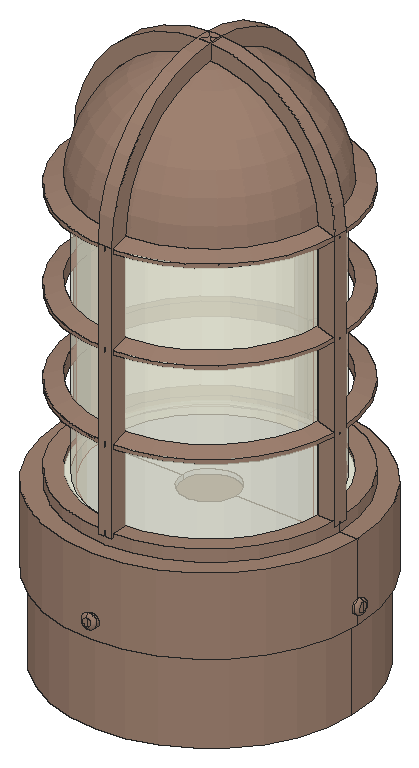
Revit family "PR15", category Generic Models, Revit 2024
Family settings
  Can host rebar = No
  Round Connector Dimension = Use Diameter
  Part Type = Normal
  Work Plane-Based = No
  Always vertical = Yes
  Cut with Voids When Loaded = No
  Maintain Annotation Orientation = No
  Shared = No
  Room Calculation Point = No
Parameters
  Default Elevation = 0' - 0"
Reference planes (in)
  plane 1 "Center (Front/Back)": y = 0
  plane 2: z = 0
  plane 3 "Center (Left/Right)": x = 0
Forms (in)
  Revolve 1, solid
    sketch origin (0, 0, 0) x (1, 0, 0) y (0, 0, 1)
      loop
        line (-3, 3.28125) -> (-3, 0) -> (-0.25, 0) -> (-0.25, 0.09375) -> (-2.90625, 0.09375) -> (-2.90625, 3.1875) -> (-0.568, 3.1875) -> (-0.568, 3.28125) -> (-3, 3.28125)
      axis (0, 3.28125) -> (0, 0)
    angle from 0 to 360
  Revolve 2, solid
    sketch origin (0, 0, 0) x (1, 0, 0) y (0, 0, 1)
      loop
        line (-3.125, 1.74999) -> (-3.03125, 1.74999) -> (-3.03125, 3.28125) -> (-2.65625, 3.28125) -> (-2.65625, 3.53125) -> (-2.41108, 3.53125) -> (-2.41108, 3.625) -> (-2.75, 3.625) -> (-2.75, 3.375) -> (-3.125, 3.375) -> (-3.125, 1.74999)
      axis (0, 3.625) -> (0, 1.74999)
    angle from 0 to 360
  Revolve 3, solid
    sketch origin (0, 0, -0.11551) x (1, 0, 0) y (0, 0, 1)
      loop
        line (-3.22718, 2.22976) -> (-2.90568, 2.22976) -> (-2.90568, 2.37976) -> (-3.16759, 2.37976)
        arc (-3.16759, 2.37976) -> (-3.20973, 2.36231) -> (-3.22718, 2.32017) r 0.0596
        line (-3.22718, 2.32017) -> (-3.22718, 2.22976)
      axis (-2.90568, 2.22976) -> (-3.22718, 2.22976)
    angle from 0 to 360
  Revolve 4, solid
    sketch origin (0, 0, -0.11551) x (0, -1, 0) y (0, 0, 1)
      loop
        line (-3.22718, 2.22976) -> (-2.90568, 2.22976) -> (-2.90568, 2.37976) -> (-3.16759, 2.37976)
        arc (-3.16759, 2.37976) -> (-3.20973, 2.36231) -> (-3.22718, 2.32017) r 0.0596
        line (-3.22718, 2.32017) -> (-3.22718, 2.22976)
      axis (-2.90568, 2.22976) -> (-3.22718, 2.22976)
    angle from 0 to 360
  Revolve 5, solid
    sketch origin (0, 0, -0.11551) x (0, 1, 0) y (0, 0, 1)
      loop
        line (-3.22718, 2.22976) -> (-2.90568, 2.22976) -> (-2.90568, 2.37976) -> (-3.16759, 2.37976)
        arc (-3.16759, 2.37976) -> (-3.20973, 2.36231) -> (-3.22718, 2.32017) r 0.0596
        line (-3.22718, 2.32017) -> (-3.22718, 2.22976)
      axis (-2.90568, 2.22976) -> (-3.22718, 2.22976)
    angle from 0 to 360
  Revolve 6, solid
    sketch origin (0, 0, -0.11551) x (-1, 0, 0) y (0, 0, 1)
      loop
        line (-3.22718, 2.22976) -> (-2.90568, 2.22976) -> (-2.90568, 2.37976) -> (-3.16759, 2.37976)
        arc (-3.16759, 2.37976) -> (-3.20973, 2.36231) -> (-3.22718, 2.32017) r 0.0596
        line (-3.22718, 2.32017) -> (-3.22718, 2.22976)
      axis (-2.90568, 2.22976) -> (-3.22718, 2.22976)
    angle from 0 to 360
  Extrusion 7, solid, material "62"
    sketch origin (0, 0, 1.49971) x (1, 0, 0) y (0, 0, 1)
      loop
        line (-2.75, 2.03154) -> (-2.412, 2.03154) -> (-2.412, 7.5084)
        arc (-2.412, 7.5084) -> (-1.76179, 9.14738) -> (-0.17007, 9.906) r 2.41201
        arc (-0.17007, 9.906) -> (1.64124, 9.26751) -> (2.412, 7.5084) r 2.41201
        line (2.412, 7.5084) -> (2.412, 2.03154) -> (2.75, 2.03154) -> (2.75, 7.491)
        arc (2.75, 7.491) -> (0, 10.25) -> (-2.75, 7.491) r 2.75001
        line (-2.75, 7.491) -> (-2.75, 2.03154)
    from -0.142 to 0.142
  Extrusion 8, solid, material "62"
    sketch origin (0, 0, 1.49971) x (0, 1, 0) y (0, 0, 1)
      loop
        line (-2.75, 2.03154) -> (-2.412, 2.03154) -> (-2.412, 7.5084)
        arc (-2.412, 7.5084) -> (-1.76179, 9.14738) -> (-0.17007, 9.906) r 2.41201
        arc (-0.17007, 9.906) -> (1.64124, 9.26751) -> (2.412, 7.5084) r 2.41201
        line (2.412, 7.5084) -> (2.412, 2.03154) -> (2.75, 2.03154) -> (2.75, 7.491)
        arc (2.75, 7.491) -> (0, 10.25) -> (-2.75, 7.491) r 2.75001
        line (-2.75, 7.491) -> (-2.75, 2.03154)
    from -0.142 to 0.142
  Revolve 9, solid, material "VAPOR GLASS"
    sketch origin (0, 0, 0) x (1, 0, 0) y (0, 0, 1)
      loop
        line (-2.287, 8.66573) -> (-2.287, 3.50704) -> (-2.61952, 3.50704) -> (-2.61952, 3.375) -> (-2.19325, 3.375) -> (-2.19325, 8.66556)
        arc (-2.19325, 8.66556) -> (-1.54803, 10.21124) -> (0, 10.8508) r 2.19326
        line (0, 10.8508) -> (0, 10.94455)
        arc (0, 10.94455) -> (-1.61426, 10.27759) -> (-2.287, 8.66573) r 2.28701
      axis (0, 10.94455) -> (0, 3.375)
    angle from 0 to 360
  Revolve 10, solid, material "62"
    sketch origin (0, 0, 0) x (1, 0, 0) y (0, 0, 1)
      loop
        line (-2.412, 5.1205) -> (-2.412, 5.4045) -> (-2.75, 5.3025) -> (-2.75, 5.2225) -> (-2.412, 5.1205)
      loop
        line (-2.412, 6.9) -> (-2.412, 7.184) -> (-2.75, 7.082) -> (-2.75, 7.002) -> (-2.412, 6.9)
      loop
        line (-2.412, 8.809) -> (-2.412, 9.093) -> (-2.75, 8.991) -> (-2.75, 8.911) -> (-2.412, 8.809)
      axis (0, 9.093) -> (0, 5.1205)
    angle from 0 to 360
  Revolve 11, solid, material "62"
    sketch origin (0, 0, 0) x (1, 0, 0) y (0, 0, 1)
      loop
        line (-2.412, 9.00778) -> (-2.31825, 9.00778)
        arc (-2.31825, 9.00778) -> (-1.6364, 10.64181) -> (0, 11.31796) r 2.31826
        line (0, 11.31796) -> (0, 11.41171)
        arc (0, 11.41171) -> (-1.70269, 10.7081) -> (-2.412, 9.00778) r 2.41201
      axis (0, 11.41171) -> (0, 9.00778)
    angle from 0 to 360
Dimensions and locks (in)
  aligned and locked: plane 2 to level
